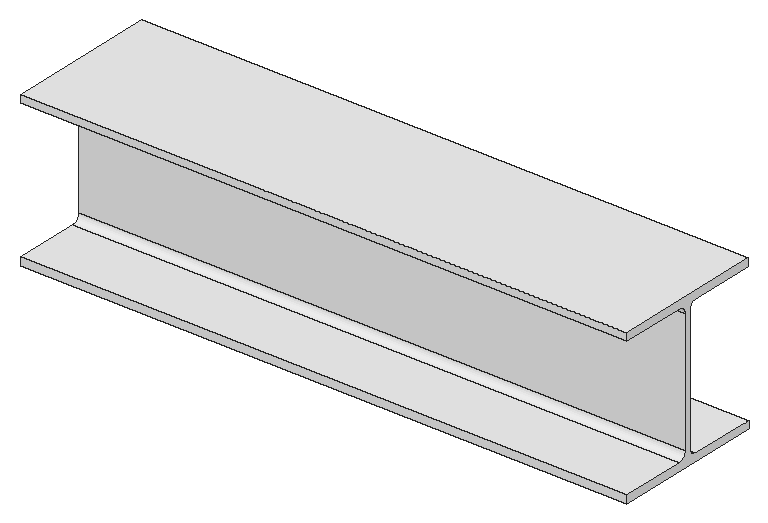
Revit family "CU-Coluna universal", category Quadro estrutural, Revit 2019
Family settings
  Arredondamento do comprimento do framing estrutural = 0 mm
  Forma do corte = Não definido
  Material para o comportamento do modelo = Aço
  Exportar sempre como geometria = Não
  Número OmniClass = 23.25.30.11.14.14
  Título OmniClass = Beams
  ID de item do Seek = UC-Universal Column-0000-CAN-ENU
  Sempre na vertical = Sim
  Corte com vazios quando carregada = Não
  Representação simbólica = Das configurações de projeto
  Compartilhado = Não
  Exibir o pré-corte da família na vista da planta = Sim
Parameters (values of type "305x305x97UC")
  W = 0
  Structural Material [instance] = Aço, 45-345
  Assembly Code = ""
  Ix = 22250
  Length [instance] = 1524 mm
  M = 96.9
  Nominal h = "305"
  Zx = 1445
  b = 305.3 mm
  h = 307.9 mm
  r = 15.2 mm
  s = 9.9 mm
  t = 15.4 mm
  A = 0.012 m²
Reference planes
  plane 1 "Centro (Frente/Trás)": y = 0
  plane 2: z = 0
  plane 3 "Centro (Esquerda/Direita)": x = 4.61
  plane 4 "Membro esquerdo": x = -604.99
  plane 5 "Membro direito": x = 614.21
  plane 6: y = 152.65
  plane 7: y = -152.65
  plane 8 "Superior": z = 153.95
  plane 9: z = -153.95
  plane 10 "Esquerda": x = -757.39
  plane 11 "Direita": x = 766.61
Forms (mm)
  Sweep 1, solid, material "Aço, 45-345" <- "Structural Material", detail levels medium
    path origin (0, 0, 0) x (1, 0, 0) y (0, 1, 0)
      loop
        line (614.21, 0) -> (-604.99, 0)
    profile "M_W-Flange ampla-Perfil-Médio : M_W-Flange ampla-Perfil-Médio" origin (4.61, 0, 0) x (0, -1, 0) y (0, 0, 1)
      loop
        line (-152.65, -153.95) -> (152.65, -153.95) -> (152.65, -138.55) -> (4.95, -138.55) -> (4.95, 138.55) -> (152.65, 138.55) -> (152.65, 153.95) -> (-152.65, 153.95) -> (-152.65, 138.55) -> (-4.95, 138.55) -> (-4.95, -138.55) -> (-152.65, -138.55) -> (-152.65, -153.95)
  Sweep 2, solid, material "Aço, 45-345" <- "Structural Material", detail levels fine
    path origin (0, 0, 0) x (1, 0, 0) y (0, 1, 0)
      loop
        line (614.21, 0) -> (-604.99, 0)
    profile "M_W-Flange ampla-Perfil-Alto : M_W-Flange ampla-Perfil-Alto" origin (4.61, 0, 0) x (0, -1, 0) y (0, 0, 1)
      loop
        line (-152.65, -153.95) -> (152.65, -153.95) -> (152.65, -138.55) -> (20.15, -138.55)
        arc (20.15, -138.55) -> (9.402, -134.098) -> (4.95, -123.35) r 15.2
        line (4.95, -123.35) -> (4.95, 123.35)
        arc (4.95, 123.35) -> (9.402, 134.098) -> (20.15, 138.55) r 15.2
        line (20.15, 138.55) -> (152.65, 138.55) -> (152.65, 153.95) -> (-152.65, 153.95) -> (-152.65, 138.55) -> (-20.15, 138.55)
        arc (-20.15, 138.55) -> (-9.402, 134.098) -> (-4.95, 123.35) r 15.2
        line (-4.95, 123.35) -> (-4.95, -123.35)
        arc (-4.95, -123.35) -> (-9.402, -134.098) -> (-20.15, -138.55) r 15.2
        line (-20.15, -138.55) -> (-152.65, -138.55) -> (-152.65, -153.95)
Lines and regions (mm)
  symbolic lines, style "Faces ocultas", detail levels medium+fine
    curve 1: line (614.21, -4.95, 0) -> (-604.99, -4.95, 0)
    curve 2: line (614.21, 4.95, 0) -> (-604.99, 4.95, 0)
  symbolic lines, style "Símbolos de vara", detail levels coarse
    curve 3: line (4.61, 152.65, 153.95) -> (4.61, -152.65, 153.95)
    curve 4: line (4.61, -152.65, -153.95) -> (4.61, 152.65, -153.95)
    curve 5: line (4.61, 0, 153.95) -> (4.61, 0, -153.95)
Dimensions and locks
  "b": plane 6 to plane 7
  "h": plane 9 to plane 8 "Superior"
  equal spacing: plane 9, plane 2, plane 8 "Superior"
  equal spacing: plane 6, plane 1 "Centro (Frente/Trás)", plane 7
  "Length": plane 10 "Esquerda" to plane 11 "Direita"
  aligned and locked: Sweep 1 sketch curve to plane 1 "Centro (Frente/Trás)"
  aligned and locked: Sweep 2 sketch curve to plane 1 "Centro (Frente/Trás)"
  aligned and locked: Sweep 2 to curve 3  (x2)
  aligned and locked: Sweep 2 to curve 4  (x2)
  aligned and locked: curve 4 to Sweep 2
  aligned and locked: curve 3 to Sweep 2
  aligned and locked: plane 4 "Membro esquerdo" to Sweep 2 sketch curve
  aligned and locked: plane 5 "Membro direito" to Sweep 2 sketch curve
  aligned and locked: plane 4 "Membro esquerdo" to Sweep 1 sketch curve
  aligned and locked: plane 5 "Membro direito" to Sweep 1 sketch curve
  aligned and locked: plane 4 "Membro esquerdo" to curve 2
  aligned and locked: plane 4 "Membro esquerdo" to curve 1
  aligned and locked: plane 5 "Membro direito" to curve 2
  aligned and locked: plane 5 "Membro direito" to curve 1
Automatic sketch dimensions
  plane 1 "Centro (Frente/Trás)" to curve 1 = 4.95 mm
  curve 2 to plane 1 "Centro (Frente/Trás)" = 4.95 mm
  curve 5 to plane 1 "Centro (Frente/Trás)" = 0 mm
Types in the file's own list only (30): name | Ix | M | Nominal h | Zx | b | h | r | s | t | A
  356x406x634UC | 274800 | 633.9 | "356" | 11580 | 424 mm | 475 mm | 15 mm | 48 mm | 77 mm | 0.08 m²
  356x406x551UC | 226900 | 551 | "356" | 9962 | 419 mm | 456 mm | 15 mm | 42 mm | 68 mm | 0.07 m²
  356x406x467UC | 183000 | 467 | "356" | 8383 | 412 mm | 437 mm | 15 mm | 36 mm | 58 mm | 0.06 m²
  356x406x393UC | 146600 | 393 | "356" | 6998 | 407 mm | 419 mm | 15 mm | 31 mm | 49 mm | 0.05 m²
  356x406x340UC | 122500 | 339.9 | "356" | 6031 | 403 mm | 406 mm | 15 mm | 27 mm | 43 mm | 0.04 m²
  356x406x287UC | 99880 | 287.1 | "356" | 5075 | 399 mm | 394 mm | 15 mm | 23 mm | 37 mm | 0.04 m²
  356x406x235UC | 79080 | 235.1 | "356" | 4151 | 395 mm | 381 mm | 15 mm | 18 mm | 30 mm | 0.03 m²
  356x368x202UC | 66260 | 201.9 | "356" | 3538 | 375 mm | 375 mm | 15 mm | 17 mm | 27 mm | 0.03 m²
  356x368x177UC | 57120 | 177 | "356" | 3103 | 373 mm | 368 mm | 15 mm | 14 mm | 24 mm | 0.02 m²
  356x368x153UC | 48590 | 152.9 | "356" | 2684 | 371 mm | 362 mm | 15 mm | 12 mm | 21 mm | 0.02 m²
  356x368x129UC | 40250 | 129 | "356" | 2264 | 369 mm | 356 mm | 15 mm | 10 mm | 18 mm | 0.02 m²
  305x305x283UC | 78870 | 282.9 | "305" | 4318 | 322 mm | 365 mm | 15 mm | 27 mm | 44 mm | 0.04 m²
  305x305x240UC | 64200 | 240 | "305" | 3643 | 318 mm | 353 mm | 15 mm | 23 mm | 38 mm | 0.03 m²
  305x305x198UC | 50900 | 198.1 | "305" | 2995 | 315 mm | 340 mm | 15 mm | 19 mm | 31 mm | 0.03 m²
  305x305x158UC | 38750 | 158.1 | "305" | 2369 | 311 mm | 327 mm | 15 mm | 16 mm | 25 mm | 0.02 m²
  305x305x137UC | 32810 | 136.9 | "305" | 2048 | 309 mm | 321 mm | 15 mm | 14 mm | 22 mm | 0.02 m²
  305x305x118UC | 27670 | 117.9 | "305" | 1760 | 307 mm | 315 mm | 15 mm | 12 mm | 19 mm | 0.02 m²
  254x254x167UC | 30000 | 167.1 | "254" | 2075 | 265 mm | 289 mm | 13 mm | 19 mm | 32 mm | 0.02 m²
  254x254x132UC | 22530 | 132 | "254" | 1631 | 261 mm | 276 mm | 13 mm | 15 mm | 25 mm | 0.02 m²
  254x254x107UC | 17510 | 107.1 | "254" | 1313 | 259 mm | 267 mm | 13 mm | 13 mm | 21 mm | 0.01 m²
  254x254x89UC | 14270 | 88.9 | "254" | 1096 | 256 mm | 260 mm | 13 mm | 10 mm | 17 mm | 0.01 m²
  254x254x73UC | 11410 | 73.1 | "254" | 898 | 255 mm | 254 mm | 13 mm | 9 mm | 14 mm | 0.01 m²
  203x203x86UC | 9449 | 86.1 | "203" | 850 | 209 mm | 222 mm | 10 mm | 13 mm | 21 mm | 0.01 m²
  203x203x71UC | 7618 | 71 | "203" | 706 | 206 mm | 216 mm | 10 mm | 10 mm | 17 mm | 0.01 m²
  203x203x60UC | 6125 | 60 | "203" | 584 | 206 mm | 210 mm | 10 mm | 9 mm | 14 mm | 0.01 m²
  203x203x52UC | 5259 | 52 | "203" | 510 | 204 mm | 206 mm | 10 mm | 8 mm | 13 mm | 0.01 m²
  203x203x46UC | 4568 | 46.1 | "203" | 450 | 204 mm | 203 mm | 10 mm | 7 mm | 11 mm | 0.01 m²
  152x152x37UC | 2210 | 37 | "152" | 273 | 154 mm | 162 mm | 8 mm | 8 mm | 12 mm | 0.00 m²
  152x152x30UC | 1748 | 30 | "152" | 222 | 153 mm | 158 mm | 8 mm | 7 mm | 9 mm | 0.00 m²
  152x152x23UC | 1250 | 23 | "152" | 164 | 152 mm | 152 mm | 8 mm | 6 mm | 7 mm | 0.00 m²
